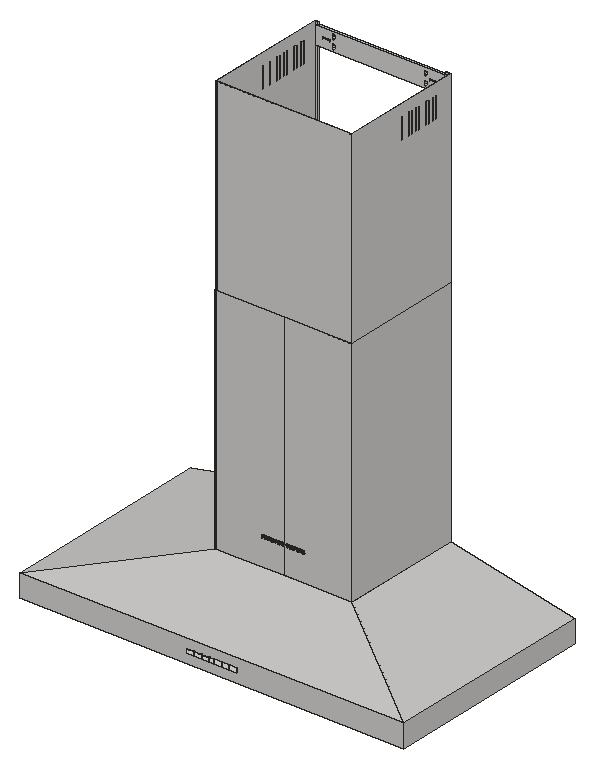
Revit family "FP_Revit_18_HC36PHTX1_N_Rangehood_90001239A", category Specialty Equipment, Revit 2018
Family settings
  Round Connector Dimension = Use Diameter
  Part Type = Normal
  OmniClass Number = 23.40.40.00
  OmniClass Title = Food Service Equipment and Furnishings
  Work Plane-Based = No
  Always vertical = Yes
  Cut with Voids When Loaded = Yes
  Shared = No
  Room Calculation Point = No
Parameters
  Visibility - Upper Chimney Extension [instance] = yes
  URL = "www.fisherpaykel.com"
  Product - Width = 898 mm  # constant formula
  Product - Height (655mm - 1094mm) Ducted [instance] = 1094 mm
  Product - Depth = 500 mm  # constant formula
  Model = "HC36PHTX1_N"
  Material - Trim = Fisher & Paykel - Steel, Chrome Plated
  Material - Body = Fisher & Paykel - Stainless Steel
  Manufacturer = "Fisher & Paykel Appliances"
  FFL Offset [instance] = 1565 mm
  Description = "36\" Rangehood"
  Connector Description - Extraction = "6” (152 mm) diameter, rigid or semi-rigid ducting, 600 CFM"
  Connector Description - Electrical = "120 V, 60Hz, 15 A, Fused electrical supply"
  Chassis - Width = 320 mm  # constant formula
  Chassis - Height = 114 mm  # constant formula
  Chassis - Depth = 290 mm  # constant formula
Reference planes
  plane 1 "Datum": y = 0
  plane 2: z = 0
  plane 3 "Center (Left/Right)": x = 0
  plane 4 "Product - Height": z = 2659
  plane 5 "Product LHS": x = -449
  plane 6 "Product RHS": x = 449
  plane 7 "Product - Depth": y = -500
  plane 8 "Cavity LHS": x = -160
  plane 9 "Cavity RHS": x = 160
  plane 10 "Chassis - Depth": y = -290
  plane 11 "FFL Offset": z = 1565
Forms (mm)
  Extrusion 1, solid, material "Fisher & Paykel - Stainless Steel" <- "Material - Body"
    sketch origin (0, 0, 0) x (1, 0, 0) y (0, 1, 0)
      loop
        line (-145, 0) -> (-160, 0) -> (-160, -290) -> (0, -290) -> (160, -290) -> (160, 0) -> (145, 0) -> (145, -1) -> (159, -1) -> (159, -289) -> (-159, -289) -> (-159, -1) -> (-145, -1) -> (-145, 0)
    from 1677.893 to 2220
  Extrusion 2, solid, material "Fisher & Paykel - Stainless Steel" <- "Material - Body", visible <- "Visibility - Upper Chimney Extension"
    sketch origin (0, 0, 0) x (1, 0, 0) y (0, 1, 0)
      loop
        line (-158, -2) -> (-150, -2) -> (-150, -1) -> (-159, -1) -> (-159, -289) -> (159, -289) -> (159, -1) -> (150, -1) -> (150, -2) -> (158, -2) -> (158, -288.044) -> (-158, -288.044) -> (-158, -2)
    from 2208 to 2659
  Extrusion 3, solid, material "Fisher & Paykel - Stainless Steel" <- "Material - Body"
    sketch origin (0, 0, 0) x (1, 0, 0) y (0, 1, 0)
      loop
        line (159, -1) -> (-159, -1) -> (-159, -279) -> (159, -279) -> (159, -1)
    from 1677.893 to 1849
  Extrusion 4, solid, material "Fisher & Paykel - Stainless Steel" <- "Material - Body"
    sketch origin (0, 0, 0) x (1, 0, 0) y (0, 1, 0)
      loop
        circle (0, -95) r 73.896
      loop
        circle (0, -95) r 75.04
    from 1849 to 1926
  Extrusion 5, solid, material "Fisher & Paykel - Stainless Steel" <- "Material - Body"
    sketch origin (0, 0, 0) x (1, 0, 0) y (0, 0, 1)
      loop
        line (-145, 1862) -> (-145, 1838.202) -> (145, 1838.202) -> (145, 1862) -> (-145, 1862)
      loop
        line (-127.5, 1853.202) -> (-127.5, 1851.532)
        arc (-127.5, 1851.532) -> (-125, 1842.202) -> (-122.5, 1851.532) r 5
        line (-122.5, 1851.532) -> (-122.5, 1853.202)
        arc (-122.5, 1853.202) -> (-125, 1855.702) -> (-127.5, 1853.202) r 2.5
      loop
        line (122.5, 1853.202) -> (122.5, 1851.532)
        arc (122.5, 1851.532) -> (125, 1842.202) -> (127.5, 1851.532) r 5
        line (127.5, 1851.532) -> (127.5, 1853.202)
        arc (127.5, 1853.202) -> (125, 1855.702) -> (122.5, 1853.202) r 2.5
    from 0 to 1
  Extrusion 6, solid, material "Fisher & Paykel - Stainless Steel" <- "Material - Body", visible <- "Visibility - Upper Chimney Extension"
    sketch origin (0, 0, 0) x (1, 0, 0) y (0, 0, 1)
      loop
        line (-150, 2612.811) -> (150, 2612.811) -> (150, 2655) -> (-150, 2655) -> (-150, 2612.811)
      loop
        line (104, 2646.5) -> (104, 2642.5)
        arc (104, 2642.5) -> (108, 2638.5) -> (112, 2642.5) r 4
        line (112, 2642.5) -> (112, 2646.5)
        arc (112, 2646.5) -> (108, 2650.5) -> (104, 2646.5) r 4
      loop
        arc (112, 2625.5) -> (108, 2629.5) -> (104, 2625.5) r 4
        line (104, 2625.5) -> (104, 2620.794)
        arc (104, 2620.794) -> (108, 2617.544) -> (112, 2620.794) r 4.087
        line (112, 2620.794) -> (112, 2625.5)
      loop
        arc (117.5, 2636.5) -> (115, 2634) -> (117.5, 2631.5) r 2.5
        line (117.5, 2631.5) -> (132.5, 2631.5)
        arc (132.5, 2631.5) -> (135, 2634) -> (132.5, 2636.5) r 2.5
        line (132.5, 2636.5) -> (117.5, 2636.5)
      loop
        arc (-104, 2646.5) -> (-108, 2650.5) -> (-112, 2646.5) r 4
        line (-112, 2646.5) -> (-112, 2642.5)
        arc (-112, 2642.5) -> (-108, 2638.5) -> (-104, 2642.5) r 4
        line (-104, 2642.5) -> (-104, 2646.5)
      loop
        line (-112, 2625.5) -> (-112, 2620.794)
        arc (-112, 2620.794) -> (-108, 2617.544) -> (-104, 2620.794) r 4.087
        line (-104, 2620.794) -> (-104, 2625.5)
        arc (-104, 2625.5) -> (-108, 2629.5) -> (-112, 2625.5) r 4
      loop
        line (-117.5, 2636.5) -> (-132.5, 2636.5)
        arc (-132.5, 2636.5) -> (-135, 2634) -> (-132.5, 2631.5) r 2.5
        line (-132.5, 2631.5) -> (-117.5, 2631.5)
        arc (-117.5, 2631.5) -> (-115, 2634) -> (-117.5, 2636.5) r 2.5
    from 1 to 7
  Extrusion 7, void
    sketch origin (0, 0, 0) x (0, 1, 0) y (0, 0, 1)
      loop
        line (-155.5, 2631.5) -> (-155.5, 2581.5)
        arc (-155.5, 2581.5) -> (-153, 2579) -> (-150.5, 2581.5) r 2.5
        line (-150.5, 2581.5) -> (-150.5, 2631.5)
        arc (-150.5, 2631.5) -> (-153, 2634) -> (-155.5, 2631.5) r 2.5
      loop
        line (-145.5, 2631.5) -> (-145.5, 2581.5)
        arc (-145.5, 2581.5) -> (-143, 2579) -> (-140.5, 2581.5) r 2.5
        line (-140.5, 2581.5) -> (-140.5, 2631.5)
        arc (-140.5, 2631.5) -> (-143, 2634) -> (-145.5, 2631.5) r 2.5
      loop
        line (-135.5, 2631.5) -> (-135.5, 2581.5)
        arc (-135.5, 2581.5) -> (-133, 2579) -> (-130.5, 2581.5) r 2.5
        line (-130.5, 2581.5) -> (-130.5, 2631.5)
        arc (-130.5, 2631.5) -> (-133, 2634) -> (-135.5, 2631.5) r 2.5
      loop
        line (-125.5, 2631.5) -> (-125.5, 2581.5)
        arc (-125.5, 2581.5) -> (-123, 2579) -> (-120.5, 2581.5) r 2.5
        line (-120.5, 2581.5) -> (-120.5, 2631.5)
        arc (-120.5, 2631.5) -> (-123, 2634) -> (-125.5, 2631.5) r 2.5
      loop
        line (-115.5, 2631.5) -> (-115.5, 2581.5)
        arc (-115.5, 2581.5) -> (-113, 2579) -> (-110.5, 2581.5) r 2.5
        line (-110.5, 2581.5) -> (-110.5, 2631.5)
        arc (-110.5, 2631.5) -> (-113, 2634) -> (-115.5, 2631.5) r 2.5
      loop
        line (-105.5, 2631.5) -> (-105.5, 2581.5)
        arc (-105.5, 2581.5) -> (-103, 2579) -> (-100.5, 2581.5) r 2.5
        line (-100.5, 2581.5) -> (-100.5, 2631.5)
        arc (-100.5, 2631.5) -> (-103, 2634) -> (-105.5, 2631.5) r 2.5
      loop
        line (-95.5, 2631.5) -> (-95.5, 2581.5)
        arc (-95.5, 2581.5) -> (-93, 2579) -> (-90.5, 2581.5) r 2.5
        line (-90.5, 2581.5) -> (-90.5, 2631.5)
        arc (-90.5, 2631.5) -> (-93, 2634) -> (-95.5, 2631.5) r 2.5
      loop
        line (-85.5, 2631.5) -> (-85.5, 2581.5)
        arc (-85.5, 2581.5) -> (-83, 2579) -> (-80.5, 2581.5) r 2.5
        line (-80.5, 2581.5) -> (-80.5, 2631.5)
        arc (-80.5, 2631.5) -> (-83, 2634) -> (-85.5, 2631.5) r 2.5
      loop
        line (-75.5, 2631.5) -> (-75.5, 2581.5)
        arc (-75.5, 2581.5) -> (-73, 2579) -> (-70.5, 2581.5) r 2.5
        line (-70.5, 2581.5) -> (-70.5, 2631.5)
        arc (-70.5, 2631.5) -> (-73, 2634) -> (-75.5, 2631.5) r 2.5
      loop
        line (-65.5, 2631.5) -> (-65.5, 2581.5)
        arc (-65.5, 2581.5) -> (-63, 2579) -> (-60.5, 2581.5) r 2.5
        line (-60.5, 2581.5) -> (-60.5, 2631.5)
        arc (-60.5, 2631.5) -> (-63, 2634) -> (-65.5, 2631.5) r 2.5
      loop
        line (-55.5, 2631.5) -> (-55.5, 2581.5)
        arc (-55.5, 2581.5) -> (-53, 2579) -> (-50.5, 2581.5) r 2.5
        line (-50.5, 2581.5) -> (-50.5, 2631.5)
        arc (-50.5, 2631.5) -> (-53, 2634) -> (-55.5, 2631.5) r 2.5
      loop
        line (-45.5, 2631.5) -> (-45.5, 2581.5)
        arc (-45.5, 2581.5) -> (-43, 2579) -> (-40.5, 2581.5) r 2.5
        line (-40.5, 2581.5) -> (-40.5, 2631.5)
        arc (-40.5, 2631.5) -> (-43, 2634) -> (-45.5, 2631.5) r 2.5
      loop
        line (-35.5, 2631.5) -> (-35.5, 2581.5)
        arc (-35.5, 2581.5) -> (-33, 2579) -> (-30.5, 2581.5) r 2.5
        line (-30.5, 2581.5) -> (-30.5, 2631.5)
        arc (-30.5, 2631.5) -> (-33, 2634) -> (-35.5, 2631.5) r 2.5
    from -159 to 159
  Extrusion 8, solid, material "Fisher & Paykel - Steel, Chrome Plated" <- "Material - Trim", detail levels fine
    sketch origin (0, 0, 565) x (1, 0, 0) y (0, 0, 1)
      loop
        line (-5, 1031.5) -> (-5, 1021.5) -> (5, 1021.5) -> (5, 1031.5) -> (-5, 1031.5)
      loop
        line (5.5, 1031.5) -> (5.5, 1021.5) -> (23, 1021.5) -> (23, 1031.5) -> (5.5, 1031.5)
      loop
        line (23.5, 1031.5) -> (23.5, 1021.5) -> (41, 1021.5) -> (41, 1031.5) -> (23.5, 1031.5)
      loop
        line (41.5, 1031.5) -> (41.5, 1021.5) -> (59, 1021.5) -> (59, 1031.5) -> (41.5, 1031.5)
      loop
        line (-5.5, 1031.5) -> (-23, 1031.5) -> (-23, 1021.5) -> (-5.5, 1021.5) -> (-5.5, 1031.5)
      loop
        line (-23.5, 1031.5) -> (-41, 1031.5) -> (-41, 1021.5) -> (-23.5, 1021.5) -> (-23.5, 1031.5)
      loop
        line (-41.5, 1031.5) -> (-59, 1031.5) -> (-59, 1021.5) -> (-41.5, 1021.5) -> (-41.5, 1031.5)
    from 500 to 501
  Extrusion 9, solid, material "Fisher & Paykel - Stainless Steel" <- "Material - Body"
    sketch origin (0, 0, 0) x (1, 0, 0) y (0, 0, 1)
      loop
        line (145, 2201) -> (-145, 2201) -> (-145, 2161) -> (145, 2161) -> (145, 2201)
      loop
        line (125, 2183.5) -> (110, 2183.5)
        arc (110, 2183.5) -> (107.5, 2181) -> (110, 2178.5) r 2.5
        line (110, 2178.5) -> (125, 2178.5)
        arc (125, 2178.5) -> (127.5, 2181) -> (125, 2183.5) r 2.5
      loop
        line (-110, 2183.5) -> (-125, 2183.5)
        arc (-125, 2183.5) -> (-127.5, 2181) -> (-125, 2178.5) r 2.5
        line (-125, 2178.5) -> (-110, 2178.5)
        arc (-110, 2178.5) -> (-107.5, 2181) -> (-110, 2183.5) r 2.5
    from 0 to 6
  Extrusion 10, void
    sketch origin (0, 0, 0) x (1, 0, 0) y (0, 1, 0)
      loop
        line (-429, -464) -> (429, -464) -> (429, -74) -> (-429, -74) -> (-429, -464)
      loop
        circle (-206.5, -42) r 25
      loop
        circle (206.5, -42) r 25
    from 1565 to 1574
  Extrusion 11, solid, material "Fisher & Paykel - Stainless Steel" <- "Material - Body", detail levels fine
    sketch origin (0, 0, 0) x (1, 0, 0) y (0, 1, 0)
      loop
        line (143, -74) -> (-142.5, -74) -> (-142.5, -464) -> (143, -464) -> (143, -74)
      loop
        line (-132.5, -454) -> (-20, -454) -> (-20, -402) -> (20, -402) -> (20, -454) -> (133, -454) -> (133, -84) -> (-132.5, -84) -> (-132.5, -454)
      loop
        line (-429, -74) -> (-429, -464) -> (-143.5, -464) -> (-143.5, -74) -> (-429, -74)
      loop
        line (-153.5, -454) -> (-153.5, -84) -> (-418.5, -84) -> (-418.5, -454) -> (-306.389, -454) -> (-306.389, -402) -> (-266.389, -402) -> (-266.389, -454) -> (-153.5, -454)
      loop
        line (-301.652, -407) -> (-301.652, -447.253) -> (-271.126, -447.253) -> (-271.126, -407) -> (-301.652, -407)
      loop
        line (-271.419, -446.96) -> (-271.419, -417.253) -> (-301.359, -417.253) -> (-301.359, -446.96) -> (-271.419, -446.96)
      loop
        line (-15.263, -407) -> (-15.263, -447.253) -> (15.263, -447.253) -> (15.263, -407) -> (-15.263, -407)
      loop
        line (14.97, -446.96) -> (14.97, -417.253) -> (-14.97, -417.253) -> (-14.97, -446.96) -> (14.97, -446.96)
      loop
        line (429, -74) -> (143.5, -74) -> (143.5, -464) -> (429, -464) -> (429, -74)
      loop
        line (153.5, -454) -> (266.389, -454) -> (266.389, -402) -> (306.389, -402) -> (306.389, -454) -> (418.5, -454) -> (418.5, -84) -> (153.5, -84) -> (153.5, -454)
      loop
        line (301.652, -407) -> (271.126, -407) -> (271.126, -447.253) -> (301.652, -447.253) -> (301.652, -407)
      loop
        line (271.419, -446.96) -> (301.359, -446.96) -> (301.359, -417.253) -> (271.419, -417.253) -> (271.419, -446.96)
    from 1566 to 1574
  Extrusion 12, solid, material "Fisher & Paykel - Aluminium", detail levels fine
    sketch origin (0, 0, 0) x (1, 0, 0) y (0, 1, 0)
      loop
        line (129, -84) -> (-132.5, -84) -> (-132.5, -454) -> (-20, -454) -> (-20, -402) -> (20, -402) -> (20, -454) -> (129, -454) -> (129, -84)
      loop
        line (-418.5, -84) -> (-418.5, -454) -> (-306.389, -454) -> (-306.389, -402) -> (-266.389, -402) -> (-266.389, -454) -> (-153.5, -454) -> (-153.5, -84) -> (-418.5, -84)
      loop
        line (418.5, -84) -> (153.5, -84) -> (153.5, -454) -> (266.389, -454) -> (266.389, -402) -> (306.389, -402) -> (306.389, -454) -> (418.5, -454) -> (418.5, -84)
    from 1566 to 1574
  Extrusion 13, solid, material "Fisher & Paykel - Glass, Clear", detail levels fine
    sketch origin (0, 0, 0) x (1, 0, 0) y (0, 1, 0)
      loop
        circle (206.5, -42) r 22
      loop
        circle (-206.5, -42) r 22
    from 1565 to 1574
  Extrusion 14, solid, material "Fisher & Paykel - Stainless Steel" <- "Material - Body", detail levels fine
    sketch origin (0, 0, 0) x (1, 0, 0) y (0, 1, 0)
      loop
        line (-83, -22.5) -> (-83, -146.5) -> (83.953, -146.5) -> (83.953, -22.5) -> (-83, -22.5)
    from 1849 to 1862
  Extrusion 15, solid, material "Fisher & Paykel - Stainless Steel" <- "Material - Body", detail levels fine
    sketch origin (0, 0, 0) x (1, 0, 0) y (0, 1, 0)
      loop
        line (-83, -48) -> (-107, -70) -> (-107, -100) -> (-83, -122) -> (-83, -48)
      loop
        circle (-97.5, -85) r 2
      loop
        line (83, -48) -> (83, -122) -> (107, -100) -> (107, -70) -> (83, -48)
      loop
        circle (97.5, -85) r 2
    from 1849 to 1850
  Extrusion 16, solid, material "Fisher & Paykel - Stainless Steel" <- "Material - Body", detail levels medium+fine
    sketch origin (0, 0, 0) x (1, 0, 0) y (0, 0, 1)
      loop
        line (65, 1975) -> (65, 1885) -> (106, 1885) -> (106, 1849) -> (108.5, 1849) -> (108.5, 1946) -> (106, 1946) -> (106, 1975) -> (65, 1975)
    from 127.5 to 163.5
  Extrusion 17, solid, material "Fisher & Paykel - Stainless Steel" <- "Material - Body"
    sketch origin (0, 0, 0) x (1, 0, 0) y (0, 1, 0)
      loop
        circle (86, -145) r 12.009
      loop
        circle (86, -145) r 5.947
    from 1975 to 1977
  Extrusion 18, void
    sketch origin (0, 0, 0) x (1, 0, 0) y (0, 0, 1)
      loop
        line (-449, 1677.893) -> (-449, 1618) -> (-159.863, 1677.893) -> (-449, 1677.893)
      loop
        line (449, 1677.893) -> (159.897, 1677.893) -> (449, 1618) -> (449, 1677.893)
    from 0 to 500
  Extrusion 19, solid, material "Fisher & Paykel - Stainless Steel" <- "Material - Body"
    sketch origin (0, 0, 0) x (0, 1, 0) y (0, 0, 1)
      loop
        line (-500, 1565) -> (0, 1565) -> (0, 1677.893) -> (-290, 1677.893) -> (-500, 1617.686) -> (-500, 1565)
    from -449 to 449
  Extrusion 20, solid, material "Fisher & Paykel - Steel, Chrome Plated" <- "Material - Trim", detail levels fine
    sketch origin (0, 0, 0) x (1, 0, 0) y (0, 1, 0)
      loop
        circle (-206.5, -42) r 22
      loop
        circle (-206.5, -42) r 25
      loop
        circle (206.5, -42) r 22
      loop
        circle (206.5, -42) r 25
    from 1565 to 1574
Cuts and joins
  Extrusion 7 cuts Extrusion 2
  Extrusion 10, Extrusion 18 cuts Extrusion 19
Text (mm)
  text "Due to ongoing product development, product details are subject to change without notice. \nPlease always refer to www.fisherpaykel.com for the most current product information. \n© Fisher & Paykel 2020" at (41.04, -1225.549, 0), in view "Ref. Level (Plan)"
Dimensions and locks
  equal spacing: plane 5 "Product LHS", plane 3 "Center (Left/Right)", plane 6 "Product RHS"
  "Product - Width": plane 5 "Product LHS" to plane 6 "Product RHS"
  equal spacing: plane 8 "Cavity LHS", plane 3 "Center (Left/Right)", plane 9 "Cavity RHS"
  "Chassis - Width": plane 8 "Cavity LHS" to plane 9 "Cavity RHS"
  locked: Extrusion 1 sketch curve to Extrusion 1 sketch curve at 1  (x3)
  "Product - Depth": plane 7 "Product - Depth" to plane 1 "Datum"
  "FFL Offset": plane 11 "FFL Offset" to level
  locked: Extrusion 3 to plane 11 "FFL Offset" at 284
  locked: Extrusion 4 to plane 11 "FFL Offset" at 361
  "Product - Height (655mm - 1094mm) Ducted": plane 4 "Product - Height" to plane 11 "FFL Offset"
  locked: Extrusion 12 to plane 11 "FFL Offset" at 9
  locked: nested 1 to plane 11 "FFL Offset" at 175.041
  locked: Extrusion 8 to plane 11 "FFL Offset" at 21.5
  locked: Extrusion 11 to plane 11 "FFL Offset" at 1
  locked: Extrusion 1 to plane 11 "FFL Offset" at 655
  locked: Extrusion 14 to plane 11 "FFL Offset" at 297
  locked: Extrusion 15 to plane 11 "FFL Offset" at 285
  locked: Extrusion 17 to Extrusion 16 at 2
  locked: Extrusion 16 to plane 11 "FFL Offset" at 410
  locked: cut or joined group of Extrusion 2, Extrusion 7 to plane 4 "Product - Height" at 451
  locked: Extrusion 9 to plane 11 "FFL Offset" at 636
  locked: Extrusion 9 to Extrusion 9 at 40
  "Chassis - Depth": plane 10 "Chassis - Depth" to plane 1 "Datum"
  locked: cut or joined group of Extrusion 10, Extrusion 18, Extrusion 19 to plane 11 "FFL Offset" at 112.893
  aligned and locked: level to plane 2
  aligned and locked: Extrusion 1 sketch curve to plane 8 "Cavity LHS"
  aligned and locked: plane 9 "Cavity RHS" to Extrusion 1 sketch curve
  aligned and locked: plane 10 "Chassis - Depth" to Extrusion 1 sketch curve
  aligned and locked: plane 4 "Product - Height" to Extrusion 2
  aligned and locked: Extrusion 7 to Extrusion 1  (x2)
  aligned and locked: plane 7 "Product - Depth" to Extrusion 8
  aligned and locked: Extrusion 19 to plane 6 "Product RHS"
  aligned and locked: plane 5 "Product LHS" to Extrusion 19
  aligned and locked: Extrusion 1 to Extrusion 3
  aligned and locked: Extrusion 20 to plane 11 "FFL Offset"
  aligned and locked: Extrusion 20 to Extrusion 11
  aligned and locked: Extrusion 11 to Extrusion 12  (x2)
  aligned and locked: Extrusion 10 to Extrusion 11
  aligned and locked: Extrusion 13 to Extrusion 11
  aligned and locked: Extrusion 13 to plane 11 "FFL Offset"
  aligned and locked: Extrusion 4 to Extrusion 3
  aligned and locked: Extrusion 14 to Extrusion 3
  aligned and locked: Extrusion 3 to Extrusion 15
  aligned and locked: Extrusion 17 to Extrusion 16
  aligned and locked: Extrusion 18 to Extrusion 1
  aligned and locked: Extrusion 18 sketch curve to plane 5 "Product LHS"
  aligned and locked: Extrusion 10 to plane 11 "FFL Offset"
  aligned and locked: Extrusion 1 to cut or joined group of Extrusion 10, Extrusion 18, Extrusion 19
Automatic sketch dimensions
  Extrusion 1 sketch curve to plane 3 "Center (Left/Right)" = 0 mm
  plane 1 "Datum" to Extrusion 1 sketch curve = 1 mm  (x2)
  Extrusion 1 sketch curve to Extrusion 1 sketch curve = 14 mm
  plane 9 "Cavity RHS" to Extrusion 1 sketch curve = 15 mm
  Extrusion 3 sketch curve to plane 8 "Cavity LHS" = 1 mm
  plane 9 "Cavity RHS" to Extrusion 3 sketch curve = 1 mm
  plane 10 "Chassis - Depth" to Extrusion 3 sketch curve = 11 mm
  plane 1 "Datum" to Extrusion 3 sketch curve = 1 mm
  Extrusion 7 sketch curve to plane 4 "Product - Height" = 77.5 mm  (x2)
  plane 1 "Datum" to Extrusion 7 sketch curve = 155.5 mm
  Extrusion 7 sketch curve to Extrusion 7 sketch curve = 2.5 mm  (x13)
  Extrusion 7 sketch curve to Extrusion 7 sketch curve = 5 mm  (x12)
  Extrusion 7 sketch curve to Extrusion 7 sketch curve = 0 mm  (x23)
  Extrusion 7 sketch curve to plane 4 "Product - Height" = 27.5 mm
  Extrusion 2 sketch curve to plane 8 "Cavity LHS" = 1 mm
  Extrusion 2 sketch curve to Extrusion 2 sketch curve = 1 mm  (x3)
  plane 1 "Datum" to Extrusion 2 sketch curve = 2 mm  (x2)
  Extrusion 2 sketch curve to Extrusion 2 sketch curve = 8 mm
  plane 9 "Cavity RHS" to Extrusion 2 sketch curve = 10 mm
  plane 9 "Cavity RHS" to Extrusion 2 sketch curve = 2 mm
  plane 9 "Cavity RHS" to Extrusion 2 sketch curve = 1 mm
  plane 10 "Chassis - Depth" to Extrusion 2 sketch curve = 1.956 mm
  plane 10 "Chassis - Depth" to Extrusion 2 sketch curve = 1 mm
  Extrusion 5 sketch curve to plane 8 "Cavity LHS" = 15 mm
  Extrusion 5 sketch curve to Extrusion 5 sketch curve = 17.5 mm
  Extrusion 5 sketch curve to Extrusion 5 sketch curve = 2.5 mm  (x4)
  plane 9 "Cavity RHS" to Extrusion 5 sketch curve = 37.5 mm
  plane 9 "Cavity RHS" to Extrusion 5 sketch curve = 15 mm
  Extrusion 5 sketch curve to Extrusion 5 sketch curve = 4.33 mm  (x2)
  Extrusion 5 sketch curve to Extrusion 5 sketch curve = 9 mm  (x2)
  Extrusion 5 sketch curve to Extrusion 5 sketch curve = 1.67 mm  (x2)
  Extrusion 14 sketch curve to plane 8 "Cavity LHS" = 77 mm
  plane 9 "Cavity RHS" to Extrusion 14 sketch curve = 76.047 mm
  plane 10 "Chassis - Depth" to Extrusion 14 sketch curve = 143.5 mm
  plane 1 "Datum" to Extrusion 14 sketch curve = 22.5 mm
  Extrusion 4 sketch curve to Extrusion 4 sketch curve = 0 mm  (x2)
  Extrusion 4 sketch curve to plane 3 "Center (Left/Right)" = 0 mm
  plane 1 "Datum" to Extrusion 4 sketch curve = 95 mm
  Extrusion 15 sketch curve to plane 8 "Cavity LHS" = 53 mm
  Extrusion 15 sketch curve to Extrusion 15 sketch curve = 9.5 mm  (x2)
  Extrusion 15 sketch curve to Extrusion 15 sketch curve = 24 mm
  plane 9 "Cavity RHS" to Extrusion 15 sketch curve = 77 mm
  Extrusion 15 sketch curve to Extrusion 15 sketch curve = 14.5 mm
  plane 1 "Datum" to Extrusion 15 sketch curve = 122 mm  (x2)
  Extrusion 15 sketch curve to Extrusion 15 sketch curve = 22 mm  (x4)
  Extrusion 15 sketch curve to Extrusion 15 sketch curve = 15 mm  (x4)
  plane 3 "Center (Left/Right)" to Extrusion 16 sketch curve = 65 mm
  Extrusion 16 sketch curve to Extrusion 16 sketch curve = 41 mm  (x2)
  Extrusion 16 sketch curve to Extrusion 16 sketch curve = 2.5 mm
  plane 11 "FFL Offset" to Extrusion 16 sketch curve = 320 mm
  Extrusion 16 sketch curve to Extrusion 16 sketch curve = 61 mm
  Extrusion 16 sketch curve to Extrusion 16 sketch curve = 29 mm
  Extrusion 16 sketch curve to Extrusion 16 sketch curve = 36 mm
  Extrusion 17 sketch curve to Extrusion 17 sketch curve = 0 mm  (x2)
  plane 9 "Cavity RHS" to Extrusion 17 sketch curve = 74 mm
  plane 1 "Datum" to Extrusion 17 sketch curve = 145 mm
  Extrusion 6 sketch curve to Extrusion 6 sketch curve = 17.5 mm  (x2)
  Extrusion 6 sketch curve to Extrusion 6 sketch curve = 15 mm  (x2)
  Extrusion 6 sketch curve to Extrusion 6 sketch curve = 5.5 mm  (x3)
  Extrusion 6 sketch curve to Extrusion 6 sketch curve = 4 mm  (x6)
  Extrusion 6 sketch curve to Extrusion 6 sketch curve = 0 mm  (x3)
  plane 9 "Cavity RHS" to Extrusion 6 sketch curve = 10 mm
  Extrusion 6 sketch curve to Extrusion 6 sketch curve = 8.5 mm
  Extrusion 6 sketch curve to Extrusion 6 sketch curve = 6 mm  (x4)
  Extrusion 6 sketch curve to Extrusion 6 sketch curve = 2.5 mm  (x2)
  Extrusion 6 sketch curve to Extrusion 6 sketch curve = 3.87 mm  (x2)
  Extrusion 6 sketch curve to Extrusion 6 sketch curve = 0.837 mm  (x2)
  Extrusion 6 sketch curve to Extrusion 6 sketch curve = 18.689 mm
  Extrusion 6 sketch curve to plane 8 "Cavity LHS" = 56 mm
  Extrusion 6 sketch curve to plane 4 "Product - Height" = 46.189 mm
  Extrusion 6 sketch curve to Extrusion 6 sketch curve = 7.983 mm
  Extrusion 9 sketch curve to plane 8 "Cavity LHS" = 15 mm
  Extrusion 9 sketch curve to Extrusion 9 sketch curve = 20 mm
  Extrusion 9 sketch curve to Extrusion 9 sketch curve = 15 mm  (x2)
  plane 9 "Cavity RHS" to Extrusion 9 sketch curve = 50 mm
  plane 9 "Cavity RHS" to Extrusion 9 sketch curve = 15 mm
  Extrusion 9 sketch curve to Extrusion 9 sketch curve = 17.5 mm  (x3)
  Extrusion 9 sketch curve to Extrusion 9 sketch curve = 2.5 mm  (x2)
  Extrusion 9 sketch curve to plane 4 "Product - Height" = 498 mm
  Extrusion 5 sketch curve to Extrusion 5 sketch curve = 8.798 mm
  plane 11 "FFL Offset" to Extrusion 5 sketch curve = 273.202 mm
  Extrusion 8 sketch curve to plane 3 "Center (Left/Right)" = 59 mm
  Extrusion 8 sketch curve to Extrusion 8 sketch curve = 17.5 mm  (x5)
  Extrusion 8 sketch curve to Extrusion 8 sketch curve = 0.5 mm  (x6)
  Extrusion 8 sketch curve to plane 3 "Center (Left/Right)" = 5.5 mm
  plane 3 "Center (Left/Right)" to Extrusion 8 sketch curve = 5 mm
  plane 11 "FFL Offset" to Extrusion 8 sketch curve = 21.5 mm  (x3)
  Extrusion 8 sketch curve to Extrusion 8 sketch curve = 0 mm  (x9)
  Extrusion 8 sketch curve to Extrusion 8 sketch curve = 10 mm  (x2)
  Extrusion 1 sketch curve to Extrusion 1 sketch curve = 1 mm  (x2)
  plane 8 "Cavity LHS" to Extrusion 13 sketch curve = 46.5 mm
  Extrusion 13 sketch curve to plane 9 "Cavity RHS" = 46.5 mm
  plane 1 "Datum" to Extrusion 13 sketch curve = 42 mm  (x2)
  Extrusion 20 sketch curve to Extrusion 20 sketch curve = 0 mm  (x4)
  plane 8 "Cavity LHS" to Extrusion 20 sketch curve = 46.5 mm
  Extrusion 20 sketch curve to plane 9 "Cavity RHS" = 46.5 mm
  plane 1 "Datum" to Extrusion 20 sketch curve = 42 mm  (x2)
  Extrusion 19 sketch curve to plane 7 "Product - Depth" = 0 mm
  Extrusion 19 sketch curve to plane 10 "Chassis - Depth" = 0 mm
  Extrusion 19 sketch curve to plane 1 "Datum" = 0 mm
  Extrusion 19 sketch curve to plane 11 "FFL Offset" = 0 mm
  Extrusion 19 sketch curve to Extrusion 19 sketch curve = 112.893 mm
  plane 11 "FFL Offset" to Extrusion 19 sketch curve = 52.686 mm
  Extrusion 10 sketch curve to plane 5 "Product LHS" = 20 mm
  plane 8 "Cavity LHS" to Extrusion 10 sketch curve = 46.5 mm
  Extrusion 10 sketch curve to plane 9 "Cavity RHS" = 46.5 mm
  plane 6 "Product RHS" to Extrusion 10 sketch curve = 20 mm
  plane 7 "Product - Depth" to Extrusion 10 sketch curve = 36 mm
  plane 1 "Datum" to Extrusion 10 sketch curve = 74 mm
  plane 1 "Datum" to Extrusion 10 sketch curve = 42 mm  (x2)
  Extrusion 11 sketch curve to plane 5 "Product LHS" = 20 mm
  Extrusion 11 sketch curve to Extrusion 11 sketch curve = 10.5 mm  (x2)
  Extrusion 11 sketch curve to Extrusion 11 sketch curve = 112.111 mm
  Extrusion 11 sketch curve to Extrusion 11 sketch curve = 4.737 mm  (x6)
  Extrusion 11 sketch curve to Extrusion 11 sketch curve = 0.293 mm  (x9)
  Extrusion 11 sketch curve to Extrusion 11 sketch curve = 29.94 mm  (x2)
  Extrusion 11 sketch curve to plane 8 "Cavity LHS" = 6.5 mm
  Extrusion 11 sketch curve to Extrusion 11 sketch curve = 10 mm  (x10)
  Extrusion 11 sketch curve to Extrusion 11 sketch curve = 1 mm
  Extrusion 11 sketch curve to plane 3 "Center (Left/Right)" = 20 mm
  plane 3 "Center (Left/Right)" to Extrusion 11 sketch curve = 14.97 mm
  plane 9 "Cavity RHS" to Extrusion 11 sketch curve = 27 mm
  Extrusion 11 sketch curve to Extrusion 11 sketch curve = 0.5 mm
  plane 9 "Cavity RHS" to Extrusion 11 sketch curve = 6.5 mm
  plane 7 "Product - Depth" to Extrusion 11 sketch curve = 46 mm
  Extrusion 11 sketch curve to plane 9 "Cavity RHS" = 106.389 mm
  plane 6 "Product RHS" to Extrusion 11 sketch curve = 30.5 mm
  Extrusion 11 sketch curve to Extrusion 11 sketch curve = 0 mm  (x6)
  Extrusion 11 sketch curve to Extrusion 11 sketch curve = 6.747 mm  (x3)
  Extrusion 11 sketch curve to Extrusion 11 sketch curve = 29.707 mm  (x3)
  Extrusion 11 sketch curve to Extrusion 11 sketch curve = 10.253 mm  (x3)
  Extrusion 11 sketch curve to Extrusion 11 sketch curve = 5 mm  (x3)
  plane 1 "Datum" to Extrusion 11 sketch curve = 84 mm
  Extrusion 12 sketch curve to plane 5 "Product LHS" = 30.5 mm
  Extrusion 12 sketch curve to Extrusion 12 sketch curve = 112.111 mm
  Extrusion 12 sketch curve to Extrusion 12 sketch curve = 40 mm  (x2)
  Extrusion 12 sketch curve to plane 8 "Cavity LHS" = 6.5 mm
  Extrusion 12 sketch curve to Extrusion 12 sketch curve = 21 mm
  Extrusion 12 sketch curve to plane 3 "Center (Left/Right)" = 20 mm
  plane 3 "Center (Left/Right)" to Extrusion 12 sketch curve = 20 mm
  plane 9 "Cavity RHS" to Extrusion 12 sketch curve = 31 mm
  plane 9 "Cavity RHS" to Extrusion 12 sketch curve = 6.5 mm
  plane 7 "Product - Depth" to Extrusion 12 sketch curve = 46 mm  (x4)
  Extrusion 12 sketch curve to plane 9 "Cavity RHS" = 106.389 mm
  plane 6 "Product RHS" to Extrusion 12 sketch curve = 30.5 mm
  Extrusion 12 sketch curve to Extrusion 12 sketch curve = 0 mm  (x2)
  Extrusion 12 sketch curve to Extrusion 12 sketch curve = 52 mm  (x3)
  plane 1 "Datum" to Extrusion 12 sketch curve = 84 mm  (x3)
  plane 6 "Product RHS" to Extrusion 18 sketch curve = 0 mm
  Extrusion 18 sketch curve to plane 8 "Cavity LHS" = 0.137 mm
  plane 9 "Cavity RHS" to Extrusion 18 sketch curve = 0.103 mm
  plane 11 "FFL Offset" to Extrusion 18 sketch curve = 53 mm  (x2)
  plane 11 "FFL Offset" to Extrusion 18 sketch curve = 112.893 mm
  Extrusion 18 sketch curve to Extrusion 18 sketch curve = 59.893 mm
  radius of Extrusion 4 sketch curve = 73.896 mm
  radius of Extrusion 4 sketch curve = 75.04 mm
  radius of Extrusion 15 sketch curve = 2 mm  (x2)
  radius of Extrusion 17 sketch curve = 12.009 mm
  radius of Extrusion 17 sketch curve = 5.947 mm
  radius of Extrusion 13 sketch curve = 22 mm  (x2)
  radius of Extrusion 20 sketch curve = 22 mm  (x2)
  radius of Extrusion 20 sketch curve = 25 mm  (x2)
  radius of Extrusion 10 sketch curve = 25 mm  (x2)
Nested families
  nested 1: "F&P Logo 100mm" at (0.236, -290, 1740.041), type "Grey"
Connectors
  hvac at (0, -95, 1926), driven by "Connector Description - Extraction"
    settings: on Extrusion 4, index 1, duct flow 0.0 L/s, flow factor 0, pres drop 0.0 Pa, loss coef 0, conn angle 0.00°, conn width 304.8 mm, conn height 304.8 mm, conn diameter 150 mm, duct sys type 4, conn prof type 0, flow config 0, flow direction 2, loss method 0, conn ref index -1, conn util no, is conn primary yes, conn desc "6” (152 mm) diameter, rigid or semi-rigid ducting, 600 CFM"
  electrical at (86, -145, 1977), driven by "Connector Description - Electrical"
    settings: on Extrusion 17, index 3, voltage 120 V, apparent load 0 VA, apparent load phase1 0 VA, apparent load phase2 0 VA, apparent load phase3 0 VA, power factor 1, load classification "Other", number of poles 1, system type 30, power factor state 1, is connector primary yes, connector utility no, sub classification motor no, connector description "120 V, 60Hz, 15 A, Fused electrical supply"
Definition of nested family "F&P Logo 100mm"
  Parameters (values of type "Chrome")
    URL = "www.fisherpaykel.com"
    Material - Logo = none
    Manufacturer = "Fisher & Paykel Appliances"
  Types (3): name
    (no name)
    Chrome
    Grey
  Reference planes
    plane 1 "Center (Front/Back)": y = 0
    plane 2: z = 0
    plane 3 "Center (Left/Right)": x = 0
  Forms (mm)
    Extrusion 1, solid, material <- "Material - Logo", detail levels fine
      sketch origin (0, 0, 0) x (1, 0, 0) y (0, 0, 1)
        loop
          line (-50.044, 0) -> (-48.47, 0) -> (-48.47, 2.138) -> (-46.011, 2.138) -> (-46.011, 3.472) -> (-48.47, 3.472) -> (-48.47, 4.712) -> (-45.795, 4.712) -> (-45.795, 6.04) -> (-50.044, 6.04) -> (-50.044, 0)
        loop
          line (-42.804, 6.04) -> (-42.804, 0) -> (-41.23, 0) -> (-41.23, 6.04) -> (-42.804, 6.04)
        loop
          line (-30.724, 6.04) -> (-30.724, 0) -> (-29.151, 0) -> (-29.151, 2.42) -> (-26.839, 2.42) -> (-26.839, 0) -> (-25.265, 0) -> (-25.265, 6.04) -> (-26.839, 6.04) -> (-26.839, 3.748) -> (-29.151, 3.748) -> (-29.151, 6.04) -> (-30.724, 6.04)
        loop
          line (-21.906, 6.04) -> (-21.906, 0) -> (-17.602, 0) -> (-17.602, 1.328) -> (-20.347, 1.328) -> (-20.347, 2.42) -> (-17.838, 2.42) -> (-17.838, 3.748) -> (-20.347, 3.748) -> (-20.347, 4.712) -> (-17.602, 4.712) -> (-17.602, 6.04) -> (-21.906, 6.04)
        loop
          line (45.667, 6.04) -> (45.667, 0) -> (49.956, 0) -> (49.956, 1.328) -> (47.241, 1.328) -> (47.241, 6.04) -> (45.667, 6.04)
        loop
          line (42.431, 6.04) -> (38.112, 6.04) -> (38.112, 0) -> (42.431, 0) -> (42.431, 1.328) -> (39.687, 1.328) -> (39.687, 2.42) -> (42.195, 2.42) -> (42.195, 3.748) -> (39.687, 3.748) -> (39.687, 4.712) -> (42.431, 4.712) -> (42.431, 6.04)
        loop
          line (33.451, 3.148) -> (35.683, 6.04) -> (33.844, 6.04) -> (31.915, 3.542) -> (31.915, 6.04) -> (30.342, 6.04) -> (30.342, 0) -> (31.915, 0) -> (31.915, 2.705) -> (33.903, 0) -> (35.763, 0) -> (33.451, 3.148)
        loop
          line (21.98, 6.04) -> (24.262, 2.42) -> (24.262, 0) -> (25.837, 0) -> (25.837, 2.341) -> (28.119, 6.04) -> (26.446, 6.04) -> (25.099, 3.707) -> (23.753, 6.04) -> (21.98, 6.04)
        loop
          line (18.479, 6.04) -> (16.983, 6.04) -> (14.524, 0) -> (16.069, 0) -> (16.501, 1.112) -> (18.921, 1.112) -> (19.354, 0) -> (20.938, 0) -> (18.479, 6.04)
        loop
          line (18.4, 2.439) -> (17.693, 4.174) -> (17.018, 2.439) -> (18.4, 2.439)
        loop
          line (8.031, 6.04) -> (8.031, 0) -> (9.605, 0) -> (9.605, 1.938) -> (10.599, 1.938)
          arc (10.599, 1.938) -> (12.65, 3.989) -> (10.599, 6.04) r 2.051
          line (10.599, 6.04) -> (8.031, 6.04)
        loop
          line (9.605, 4.712) -> (9.605, 3.197) -> (10.501, 3.197)
          arc (10.501, 3.197) -> (11.259, 3.954) -> (10.501, 4.712) r 0.757
          line (10.501, 4.712) -> (9.605, 4.712)
        loop
          line (-11.783, 6.04) -> (-14.366, 6.04) -> (-14.366, 0) -> (-12.792, 0) -> (-12.792, 1.336) -> (-11.992, 1.336) -> (-10.972, 0) -> (-9.153, 0) -> (-10.694, 1.973)
          arc (-10.694, 1.973) -> (-9.678, 4.424) -> (-11.783, 6.04) r 2.179
        loop
          line (-11.897, 4.712) -> (-12.792, 4.712) -> (-12.792, 3.053) -> (-11.897, 3.053)
          arc (-11.897, 3.053) -> (-11.068, 3.882) -> (-11.897, 4.712) r 0.83
        loop
          line (0.477, 4.712) -> (0.477, 6.153) -> (-3.575, 6.153) -> (-3.575, 4.851) -> (-2.974, 4.112)
          arc (-2.974, 4.112) -> (-3.51, 0.684) -> (-0.045, 0.512) r 2.334
          line (-0.045, 0.512) -> (0.46, -0.109) -> (2.246, -0.109) -> (0.86, 1.594) -> (2.061, 3.324) -> (0.443, 3.324) -> (-0.013, 2.667) -> (-1.677, 4.712) -> (0.477, 4.712)
        loop
          arc (-2.125, 3.068) -> (-2.269, 1.668) -> (-0.868, 1.524) r 0.996
          line (-0.868, 1.524) -> (-2.125, 3.068)
        loop
          line (-35.18, 3.634) -> (-36.516, 3.91)
          arc (-36.516, 3.91) -> (-37.049, 4.443) -> (-36.516, 4.976) r 0.533
          arc (-36.516, 4.976) -> (-35.235, 4.79) -> (-34.059, 4.248) r 4.505
          line (-34.059, 4.248) -> (-34.059, 5.743)
          arc (-34.059, 5.743) -> (-35.549, 6.179) -> (-37.1, 6.109) r 4.726
          arc (-37.1, 6.109) -> (-38.536, 4.335) -> (-37.1, 2.561) r 1.814
          line (-37.1, 2.561) -> (-35.754, 2.282)
          arc (-35.754, 2.282) -> (-35.221, 1.749) -> (-35.754, 1.216) r 0.533
          arc (-35.754, 1.216) -> (-37.035, 1.402) -> (-38.211, 1.945) r 4.505
          line (-38.211, 1.945) -> (-38.211, 0.449)
          arc (-38.211, 0.449) -> (-36.72, 0.013) -> (-35.169, 0.083) r 4.726
          arc (-35.169, 0.083) -> (-33.734, 1.863) -> (-35.18, 3.634) r 1.814
      from 0 to 0.8
  Dimensions and locks
    aligned and locked: level to plane 2
